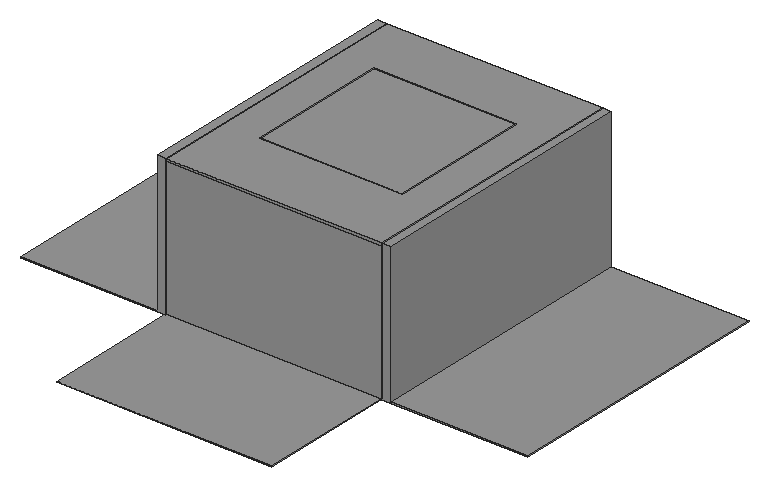
Revit family "OKA-G Anbaueinheit für GES9, Höhe 40-240mm", category Generic Models, Revit 2015
Parameters (values of type "OKA-G A 402409")
  Width = 400 mm
  URL = "http://www.obo-bettermann.com"
  Material = Steel, Galvanized
  Manufacturer Art. No. = "7424004"
  Manufacturer = "OBO Bettermann"
  Length = 473 mm
  HeightCalc [instance] = if(Height < 40 mm, 40 mm, (if(Height > 240 mm, 240 mm, Height)))  # 240 mm
  Height [instance] = 500 mm
  GTIN = "4012195242949"
  Article Type = "OKA-G40040140"
Reference planes
  plane 1 "Center (Front/Back)": y = 0
  plane 2: z = 0
  plane 3 "Center (Left/Right)": x = 0
  plane 4: z = 240
  plane 5: y = -473
  plane 6: x = 200
  plane 7: x = -200
Forms (mm)
  Extrusion 1, solid, material "Aluminum 6061"
    sketch origin (0, 0, 0) x (1, 0, 0) y (0, 0, 1)
      loop
        line (185, 240) -> (185, 0) -> (435, 0) -> (435, 1) -> (200, 1) -> (200, 240) -> (185, 240)
      loop
        line (-200, 1) -> (-435, 1) -> (-435, 0) -> (-185, 0) -> (-185, 240) -> (-200, 240) -> (-200, 1)
    from 0 to 473
  Extrusion 2, solid, material "Steel, Galvanized" <- "Material"
    sketch origin (0, 0, 0) x (1, 0, 0) y (0, 0, 1)
      loop
        line (185, 236) -> (185, 240) -> (-185, 240) -> (-185, 236) -> (185, 236)
    from 0 to 473
  Extrusion 3, solid, material "Aluminum 6061"
    sketch origin (0, 0, 0) x (0, 1, 0) y (0, 0, 1)
      loop
        line (-473, 236) -> (-473, 1) -> (-708, 1) -> (-708, 0) -> (-458, 0) -> (-458, 236) -> (-473, 236)
    from -185 to 185
  Extrusion 4, void
    sketch origin (0, 0, 0) x (1, 0, 0) y (0, 1, 0)
      loop
        line (-122, -106.5) -> (-122, -350.5) -> (122, -350.5) -> (122, -106.5) -> (-122, -106.5)
    from 0 to 250
  Extrusion 5, solid, material "Steel, Galvanized"
    sketch origin (0, 0, 0) x (1, 0, 0) y (0, 1, 0)
      loop
        line (-122, -106.5) -> (-122, -350.5) -> (122, -350.5) -> (122, -106.5) -> (-122, -106.5)
    from 236 to 240
Cuts and joins
  Extrusion 4 cuts Extrusion 2
Lines and regions (mm)
  model lines
    curve 1: line (-200, 0, 240) -> (-185, 0, 240)
    curve 2: line (-185, 0, 240) -> (-185, 0, 0)
    curve 3: line (-185, 0, 0) -> (-435, 0, 0)
    curve 4: line (-435, 0, 0) -> (-435, 0, 1)
    curve 5: line (-435, 0, 1) -> (-200, 0, 1)
    curve 6: line (-200, 0, 1) -> (-200, 0, 240)
    curve 7: line (185, 0, 240) -> (185, 0, 0)
    curve 8: line (185, 0, 0) -> (435, 0, 0)
    curve 9: line (435, 0, 0) -> (435, 0, 1)
    curve 10: line (435, 0, 1) -> (200, 0, 1)
    curve 11: line (200, 0, 1) -> (200, 0, 240)
    curve 12: line (200, 0, 240) -> (185, 0, 240)
    curve 13: line (185, 0, 240) -> (185, 0, 0)
    curve 14: line (-185, 0, 0) -> (-185, 0, 240)
    curve 15: line (-185, 0, 240) -> (185, 0, 240)
    curve 16: line (-185, 0, 236) -> (185, 0, 236)
Dimensions and locks
  locked: curve 5 to curve 3 at 1
  locked: curve 2 to curve 6 at 15
  locked: curve 10 to curve 8 at 1
  locked: curve 2 to curve 4 at 250
  locked: curve 9 to curve 7 at 250
  locked: curve 11 to curve 7 at 15
  "Length": plane 1 "Center (Front/Back)" to plane 5
  equal spacing: plane 7, plane 3 "Center (Left/Right)", plane 6
  "Width": plane 7 to plane 6
  "HeightCalc": level to plane 4
  locked: curve 16 to curve 15 at 4
  Extrusion 3 sketch curve to Extrusion 1 = 15 mm
  locked: Extrusion 3 sketch curve to Extrusion 3 sketch curve at 250
  locked: Extrusion 3 sketch curve to Extrusion 3 sketch curve at 1
  locked: Extrusion 4 sketch curve to Extrusion 4 sketch curve at 244  (x2)
  equal spacing: Extrusion 4 sketch curve, plane 3 "Center (Left/Right)", Extrusion 4 sketch curve, locked at 122 each
  locked: cut or joined group of Extrusion 2, Extrusion 4 to Extrusion 4 sketch curve at 106.5
  aligned and locked: level to plane 2
  aligned and locked: level to curve 3
  aligned and locked: curve 6 to plane 7
  aligned and locked: curve 11 to plane 6
  aligned and locked: plane 4 to curve 1
  aligned and locked: curve 8 to level
  aligned and locked: Extrusion 1 sketch curve to curve 13
  aligned and locked: Extrusion 1 sketch curve to curve 12
  aligned and locked: Extrusion 1 sketch curve to curve 11
  aligned and locked: Extrusion 1 sketch curve to curve 10
  aligned and locked: Extrusion 1 sketch curve to curve 9
  aligned and locked: Extrusion 1 sketch curve to curve 8
  aligned and locked: Extrusion 1 sketch curve to curve 6
  aligned and locked: Extrusion 1 sketch curve to curve 14
  aligned and locked: Extrusion 1 sketch curve to curve 1
  aligned and locked: Extrusion 1 sketch curve to curve 5
  aligned and locked: Extrusion 1 sketch curve to curve 3
  aligned and locked: Extrusion 1 sketch curve to curve 4
  aligned and locked: Extrusion 1 to plane 5
  aligned and locked: Extrusion 2 sketch curve to curve 16
  aligned and locked: Extrusion 2 sketch curve to curve 15
  aligned and locked: Extrusion 2 sketch curve to curve 2
  aligned and locked: Extrusion 2 sketch curve to curve 7
  aligned and locked: Extrusion 2 to plane 5
  aligned and locked: level to Extrusion 3 sketch curve
  aligned and locked: Extrusion 3 sketch curve to plane 5
  aligned and locked: Extrusion 3 to curve 1
  aligned and locked: Extrusion 3 to Extrusion 1
  aligned and locked: Extrusion 3 to Extrusion 2
  aligned and locked: Extrusion 5 sketch curve to cut or joined group of Extrusion 2, Extrusion 4  (x4)
  aligned and locked: curve 16 to Extrusion 5
  aligned and locked: Extrusion 5 to curve 1
Automatic sketch dimensions
  Extrusion 3 sketch curve to plane 4 = 4 mm
